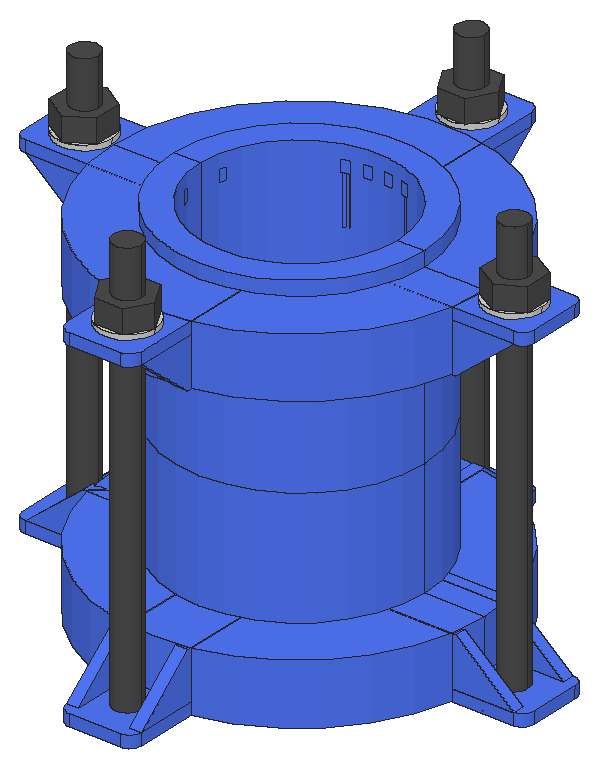
Revit family "601-A-005-DN65-200", category Pipe Accessories, Revit 2019
Family settings
  Round Connector Dimension = Use Diameter
  Part Type = Valve - Breaks Into
  Work Plane-Based = No
  Always vertical = Yes
  Cut with Voids When Loaded = No
  Shared = No
Parameters (values of type "DN065_68-85")
  W2 = (D3 / 2) - 5 mm  # 105 mm
  W1 = 32 mm  # constant formula
  URL_product_pages = "https://www.avkvalves.com/P.aspx?no=6012420004100"
  Search_Table = "601-A-005-DN65-200"
  PCD = size_lookup(Search_Table, "PCD", 0 mm, DN)  # 185 mm
  L1 = size_lookup(Search_Table, "L1", 0 mm, DN)  # 100 mm
  L = size_lookup(Search_Table, "L", 0 mm, DN)  # 190 mm
  ID = DN / 2  # 32.5 mm
  F = 5 mm  # constant formula
  Description_ = "AVK UNIVERSAL SUPA® STRAIGHT COUPLING"
  DN_Ref = DN2 * 2  # 85 mm
  DN200_218-242 = "601-242-000-4100"
  DN2 = size_lookup(Search_Table, "DN2", 0 mm, DN) / 2  # 42.5 mm
  DN175_193-215 = "601-215-000-4100"
  DN150_176-201 = "601-201-000-4100"
  DN150_157-183 = "601-183-000-4100"
  DN125_132-157 = "601-157-000-4100"
  DN100_109-133 = "601-133-000-4100"
  DN100_99-119 = "601-119-000-4100"
  DN080_84-106 = "601-106-000-4100"
  DN065_68-85 = "601-085-000-4100"
  DN = 65 mm
  D3 = size_lookup(Search_Table, "D3", 0 mm, DN)  # 220 mm
  D2 = size_lookup(Search_Table, "D2", 0 mm, DN)  # 54 mm
  D = size_lookup(Search_Table, "D1", 0 mm, DN) / 2  # 80 mm
  Body_height_ref = Body_height - 12 mm  # 152 mm
  Body_height = size_lookup(Search_Table, "Body_height", 0 mm, DN)  # 164 mm
  B2 = Body_height / 2  # 82 mm
Types (10, lengths in mm): name | W2 | PCD | L1 | L | ID | DN_Ref | DN2 | DN | D3 | D2 | D | Body_height_ref | Body_height | B2
  (no name) | 105 | 185 | 100 | 190 | 32.5 | 85 | 42.5 | 65 | 220 | 54 | 80 | 152 | 164 | 82
  DN065_68-85 | 105 | 185 | 100 | 190 | 32.5 | 85 | 42.5 | 65 | 220 | 54 | 80 | 152 | 164 | 82
  DN080_84-106 | 108 | 190 | 100 | 190 | 40 | 106 | 53 | 80 | 226 | 60 | 77 | 154 | 166 | 83
  DN100_99-119 | 117 | 208 | 100 | 190 | 50 | 119 | 59.5 | 100 | 244 | 72 | 93 | 157 | 169 | 84.5
  DN100_109-133 | 117 | 208 | 100 | 190 | 50.05 | 133 | 66.5 | 100.1 | 244 | 78 | 93 | 157 | 169 | 84.5
  DN125_132-157 | 130 | 235 | 115 | 210 | 62.5 | 157 | 78.5 | 125 | 270 | 88.5 | 106 | 157 | 169 | 84.5
  DN150_157-183 | 145 | 264 | 115 | 210 | 75 | 183 | 91.5 | 150 | 300 | 109 | 120 | 173 | 185 | 92.5
  DN150_176-201 | 145 | 264 | 115 | 210 | 75.05 | 201 | 100.5 | 150.1 | 300 | 109 | 120 | 173 | 185 | 92.5
  DN175_193-215 | 158.5 | 281 | 115 | 210 | 87.5 | 215 | 107.5 | 175 | 327 | 122 | 134 | 171 | 183 | 91.5
  DN200_218-242 | 173.5 | 310 | 140 | 230 | 100 | 242 | 121 | 200 | 357 | 137 | 150 | 197 | 209 | 104.5
Reference planes
  plane 1 "Center (Front/Back)": y = 0
  plane 2: z = 0
  plane 3 "Center (Left/Right)": x = 0
  plane 4: y = 110
  plane 5: x = -16
  plane 6: x = 16
  plane 7: y = 16
  plane 8: y = 16
  plane 9: x = 110
  plane 10: y = -16
  plane 11: y = -16
  plane 12: x = -16
  plane 13: y = -110
  plane 14: x = 16
  plane 15: x = -11
  plane 16: y = 105
  plane 17: x = 11
  plane 18: y = 105
  plane 19: x = 105
  plane 20: y = 11
  plane 21: y = -11
  plane 22: x = 105
  plane 23: x = -105
  plane 24: y = 11
  plane 25: y = -11
  plane 26: x = -105
  plane 27: y = -105
  plane 28: x = 11
  plane 29: x = -11
  plane 30: y = -105
  plane 31: x = -110
  plane 32: y = -16
  plane 33: y = 16
  plane 34: x = 16
  plane 35: x = -16
  plane 36: x = 92.5
  plane 37: x = -92.5
  plane 38: y = 92.5
  plane 39: y = -92.5
  plane 40: z = 76
  plane 41: z = -76
  plane 42: z = -82
  plane 43: z = 108
  plane 44: z = 98.5
Forms (mm)
  Revolve 1, solid, material "Plastic"
    sketch origin (0, 0, 0) x (1, 0, 0) y (0, 0, 1)
      loop
        line (0, 82) -> (0, -82) -> (54, -82) -> (54, -76) -> (80, -76) -> (80, -50) -> (54, -50) -> (54, 0) -> (54, 50) -> (80, 50) -> (80, 76) -> (54, 76) -> (54, 82) -> (0, 82)
      axis (0, -82) -> (0, 82)
    angle from 0 to 360
  Extrusion 2, solid, material "Plastic"
    sketch origin (0, 0, 0) x (1, 0, 0) y (0, 1, 0)
      loop
        arc (-11, 110) -> (-14.536, 108.536) -> (-16, 105) r 5
        line (-16, 105) -> (-16, 16) -> (-105, 16)
        arc (-105, 16) -> (-108.536, 14.536) -> (-110, 11) r 5
        line (-110, 11) -> (-110, -11)
        arc (-110, -11) -> (-108.536, -14.536) -> (-105, -16) r 5
        line (-105, -16) -> (-16, -16) -> (-16, -105)
        arc (-16, -105) -> (-14.536, -108.536) -> (-11, -110) r 5
        line (-11, -110) -> (11, -110)
        arc (11, -110) -> (14.536, -108.536) -> (16, -105) r 5
        line (16, -105) -> (16, -16) -> (105, -16)
        arc (105, -16) -> (108.536, -14.536) -> (110, -11) r 5
        line (110, -11) -> (110, 11)
        arc (110, 11) -> (108.536, 14.536) -> (105, 16) r 5
        line (105, 16) -> (16, 16) -> (16, 105)
        arc (16, 105) -> (14.536, 108.536) -> (11, 110) r 5
        line (11, 110) -> (-11, 110)
    from 71 to 76
  Extrusion 3, solid, material "Plastic"
    sketch origin (0, 0, 0) x (1, 0, 0) y (0, 1, 0)
      loop
        line (16, 16) -> (16, 105)
        arc (16, 105) -> (14.536, 108.536) -> (11, 110) r 5
        line (11, 110) -> (-11, 110)
        arc (-11, 110) -> (-14.536, 108.536) -> (-16, 105) r 5
        line (-16, 105) -> (-16, 16) -> (-105, 16)
        arc (-105, 16) -> (-108.536, 14.536) -> (-110, 11) r 5
        line (-110, 11) -> (-110, -11)
        arc (-110, -11) -> (-108.536, -14.536) -> (-105, -16) r 5
        line (-105, -16) -> (-16, -16) -> (-16, -105)
        arc (-16, -105) -> (-14.536, -108.536) -> (-11, -110) r 5
        line (-11, -110) -> (11, -110)
        arc (11, -110) -> (14.536, -108.536) -> (16, -105) r 5
        line (16, -105) -> (16, -16) -> (105, -16)
        arc (105, -16) -> (108.536, -14.536) -> (110, -11) r 5
        line (110, -11) -> (110, 11)
        arc (110, 11) -> (108.536, 14.536) -> (105, 16) r 5
        line (105, 16) -> (16, 16)
    from -76 to -71
  Extrusion 4, solid, material "Plastic"
    sketch origin (0, 0, 0) x (1, 0, 0) y (0, 0, 1)
      loop
        line (-105, 71) -> (-80, 50) -> (80, 50) -> (105, 71) -> (-105, 71)
      loop
        line (-105, -71) -> (105, -71) -> (80, -50) -> (-80, -50) -> (-105, -71)
    from 11 to 16
  Extrusion 5, solid, material "Plastic"
    sketch origin (0, 0, 0) x (1, 0, 0) y (0, 0, 1)
      loop
        line (-105, 71) -> (-80, 50) -> (80, 50) -> (105, 71) -> (-105, 71)
      loop
        line (80, -50) -> (-80, -50) -> (-105, -71) -> (105, -71) -> (80, -50)
    from -16 to -11
  Extrusion 6, solid, material "Plastic"
    sketch origin (0, 0, 0) x (0, 1, 0) y (0, 0, 1)
      loop
        line (80, -50) -> (-80, -50) -> (-105, -71) -> (105, -71) -> (80, -50)
      loop
        line (105, 71) -> (-105, 71) -> (-80, 50) -> (80, 50) -> (105, 71)
    from 16 to 11
  Extrusion 7, solid, material "Plastic"
    sketch origin (0, 0, 0) x (0, 1, 0) y (0, 0, 1)
      loop
        line (105, 71) -> (-105, 71) -> (-80, 50) -> (80, 50) -> (105, 71)
      loop
        line (105, -71) -> (80, -50) -> (-80, -50) -> (-105, -71) -> (105, -71)
    from -16 to -11
  Extrusion 8, solid, material "Stainless Steel AISI 304"
    sketch origin (0, 0, 0) x (1, 0, 0) y (0, 1, 0)
      loop
        circle (92.5, 0) r 6
      loop
        circle (-92.5, 0) r 6
      loop
        circle (0, 92.5) r 6
      loop
        circle (0, -92.5) r 6
    from -71 to 108
  Extrusion 9, solid, material "Stainless Steel AISI 304(1)"
    sketch origin (0, 0, 0) x (1, 0, 0) y (0, 1, 0)
      loop
        circle (-92.5, 0) r 12
      loop
        circle (92.5, 0) r 12
      loop
        circle (0, 92.5) r 12
      loop
        circle (0, -92.5) r 12
    from 76 to 78
  Extrusion 10, solid, material "Stainless Steel AISI 304"
    sketch origin (0, 0, 0) x (1, 0, 0) y (0, 1, 0)
      loop
        line (92.5, 11.998) -> (82.328, 5.999) -> (82.328, -5.999) -> (92.718, -11.998) -> (103.109, -5.999) -> (103.109, 5.999) -> (92.5, 11.998)
      loop
        line (11.995, 92.5) -> (5.997, 102.536) -> (-5.997, 102.536) -> (-11.995, 92.148) -> (-5.997, 81.76) -> (5.997, 81.76) -> (11.995, 92.5)
      loop
        line (11.995, -92.5) -> (5.997, -81.76) -> (-5.997, -81.76) -> (-11.995, -92.148) -> (-5.997, -102.536) -> (5.997, -102.536) -> (11.995, -92.5)
      loop
        line (-92.5, 11.998) -> (-103.109, 5.999) -> (-103.109, -5.999) -> (-92.718, -11.998) -> (-82.328, -5.999) -> (-82.328, 5.999) -> (-92.5, 11.998)
    from 78 to 88
  Revolve 11, solid, material "Stainless Steel AISI 304"
    sketch origin (0, 0, 0) x (1, 0, 0) y (0, 0, 1)
      loop
        line (92.5, -76) -> (92.5, -82)
        arc (92.5, -82) -> (100.585, -80.461) -> (107.5, -76) r 21.517
        line (107.5, -76) -> (92.5, -76)
      axis (92.5, -82) -> (92.5, -76)
    angle from 0 to 360
  Revolve 12, solid, material "Stainless Steel AISI 304"
    sketch origin (0, 0, 0) x (-1, 0, 0) y (0, 0, 1)
      loop
        line (92.5, -76) -> (92.5, -82)
        arc (92.5, -82) -> (100.585, -80.461) -> (107.5, -76) r 21.517
        line (107.5, -76) -> (92.5, -76)
      axis (92.5, -82) -> (92.5, -76)
    angle from 0 to 360
  Revolve 13, solid, material "Stainless Steel AISI 304"
    sketch origin (0, 0, 0) x (0, 1, 0) y (0, 0, 1)
      loop
        line (-92.5, -76) -> (-107.5, -76)
        arc (-107.5, -76) -> (-100.616, -80.539) -> (-92.5, -82) r 20.511
        line (-92.5, -82) -> (-92.5, -76)
      axis (-92.5, -82) -> (-92.5, -76)
    angle from 0 to 360
  Revolve 14, solid, material "Stainless Steel AISI 304"
    sketch origin (0, 0, 0) x (0, -1, 0) y (0, 0, 1)
      loop
        line (-92.5, -76) -> (-107.5, -76)
        arc (-107.5, -76) -> (-100.616, -80.539) -> (-92.5, -82) r 20.511
        line (-92.5, -82) -> (-92.5, -76)
      axis (-92.5, -82) -> (-92.5, -76)
    angle from 0 to 360
  Revolve 15, void
    sketch origin (0, 0, 0) x (1, 0, 0) y (0, 0, 1)
      loop
        line (0, 88) -> (0, -82) -> (42.5, -82) -> (42.5, 88) -> (0, 88)
      axis (0, -82) -> (0, 88)
    angle from 0 to 360
Cuts and joins
  Revolve 15 cuts Revolve 1
  Revolve 15 cuts Extrusion 2
  Revolve 15 cuts Extrusion 3
  Revolve 15 cuts Extrusion 4
  Revolve 15 cuts Extrusion 5
  Revolve 15 cuts Extrusion 6
  Revolve 15 cuts Extrusion 7
Dimensions and locks
  "L1": Revolve 1 sketch curve to Revolve 1 sketch curve
  equal spacing: Revolve 1 sketch curve, level, Revolve 1 sketch curve  (x2)
  "D": Revolve 1 sketch curve to plane 3 "Center (Left/Right)"
  "D2": Revolve 1 sketch curve to Revolve 1 sketch curve
  locked: plane 17 to plane 6 at 5
  locked: plane 4 to plane 18 at 5
  locked: plane 5 to plane 15 at 5
  locked: plane 4 to plane 16 at 5
  locked: plane 19 to plane 9 at 5
  locked: plane 8 to plane 20 at 5
  locked: plane 21 to plane 10 at 5
  locked: plane 22 to plane 9 at 5
  locked: plane 31 to plane 23 at 5
  locked: plane 7 to plane 24 at 5
  locked: plane 25 to plane 11 at 5
  locked: plane 31 to plane 26 at 5
  locked: plane 30 to plane 13 at 5
  locked: plane 27 to plane 13 at 5
  locked: plane 12 to plane 29 at 5
  locked: plane 28 to plane 14 at 5
  equal spacing: plane 5, plane 3 "Center (Left/Right)", plane 6
  equal spacing: plane 7, plane 1 "Center (Front/Back)", plane 11
  equal spacing: plane 8, plane 1 "Center (Front/Back)", plane 10
  equal spacing: plane 12, plane 3 "Center (Left/Right)", plane 14
  "W1": plane 5 to plane 6
  "W1": plane 8 to plane 10
  "W1": plane 12 to plane 14
  "W1": plane 7 to plane 11
  equal spacing: plane 4, plane 1 "Center (Front/Back)", plane 13
  equal spacing: plane 31, plane 3 "Center (Left/Right)", plane 9
  "D3": plane 31 to plane 9
  "D3": plane 4 to plane 13
  equal spacing: plane 36, plane 3 "Center (Left/Right)", plane 37
  "PCD": plane 36 to plane 37
  equal spacing: plane 38, plane 1 "Center (Front/Back)", plane 39
  "PCD": plane 38 to plane 39
  locked: Revolve 1 sketch curve to Revolve 1 sketch curve at 6  (x2)
  "Body_height": Revolve 1 sketch curve to Revolve 1 sketch curve
  equal spacing: plane 40, level, plane 41
  "Body_height_ref": plane 40 to plane 41
  "F": Extrusion 3 to plane 41
  "F": plane 40 to Extrusion 2
  equal spacing: Extrusion 4 sketch curve, plane 3 "Center (Left/Right)", Extrusion 4 sketch curve  (x4)
  "W2": Extrusion 4 sketch curve to plane 3 "Center (Left/Right)"  (x2)
  "D": Extrusion 4 sketch curve to plane 3 "Center (Left/Right)"  (x2)
  "F": Extrusion 4 to plane 32
  "F": plane 33 to Extrusion 5
  equal spacing: Extrusion 6 sketch curve, plane 1 "Center (Front/Back)", Extrusion 6 sketch curve  (x4)
  "W2": Extrusion 6 sketch curve to plane 1 "Center (Front/Back)"  (x2)
  "D": Extrusion 6 sketch curve to plane 1 "Center (Front/Back)"  (x2)
  "F": plane 34 to Extrusion 6
  equal spacing: Extrusion 7 sketch curve, plane 1 "Center (Front/Back)", Extrusion 7 sketch curve  (x4)
  "W2": plane 1 "Center (Front/Back)" to Extrusion 7 sketch curve  (x2)
  "D": plane 1 "Center (Front/Back)" to Extrusion 7 sketch curve  (x2)
  "F": Extrusion 7 to plane 35
  equal spacing: Extrusion 8 sketch curve, plane 3 "Center (Left/Right)", Extrusion 8 sketch curve
  "PCD": Extrusion 8 sketch curve to Extrusion 8 sketch curve  (x2)
  equal spacing: Extrusion 8 sketch curve, plane 1 "Center (Front/Back)", Extrusion 8 sketch curve
  "B2": level to plane 42
  "L": plane 43 to plane 42
  equal spacing: Extrusion 9 sketch curve, plane 3 "Center (Left/Right)", Extrusion 9 sketch curve
  equal spacing: Extrusion 9 sketch curve, plane 1 "Center (Front/Back)", Extrusion 9 sketch curve
  "PCD": Extrusion 9 sketch curve to Extrusion 9 sketch curve  (x2)
  locked: Extrusion 9 to plane 40 at 2
  locked: Extrusion 10 to Extrusion 9 at 10
  equal spacing: Extrusion 10 sketch curve, plane 1 "Center (Front/Back)", Extrusion 10 sketch curve
  equal spacing: Extrusion 10 sketch curve, plane 3 "Center (Left/Right)", Extrusion 10 sketch curve
  "PCD": Extrusion 10 sketch curve to Extrusion 10 sketch curve  (x2)
  "DN2": Revolve 15 sketch curve to Revolve 15 sketch curve
  cut or joined group of Revolve 1, Revolve 15 to cut or joined group of Revolve 1, Revolve 15 = 100 mm
  aligned and locked: level to plane 2
  aligned and locked: Revolve 1 sketch curve to Revolve 1 sketch curve  (x5)
  aligned and locked: Revolve 1 sketch curve to plane 3 "Center (Left/Right)"
  aligned and locked: plane 4 to Extrusion 2 sketch curve  (x2)
  aligned and locked: plane 15 to Extrusion 2 sketch curve
  aligned and locked: plane 16 to Extrusion 2 sketch curve
  aligned and locked: plane 5 to Extrusion 2 sketch curve  (x2)
  aligned and locked: plane 17 to Extrusion 2 sketch curve
  aligned and locked: Extrusion 2 sketch curve to plane 18
  aligned and locked: plane 6 to Extrusion 2 sketch curve  (x2)
  aligned and locked: plane 20 to Extrusion 2 sketch curve
  aligned and locked: plane 9 to Extrusion 2 sketch curve  (x2)
  aligned and locked: plane 8 to Extrusion 2 sketch curve  (x2)
  aligned and locked: plane 19 to Extrusion 2 sketch curve
  aligned and locked: plane 21 to Extrusion 2 sketch curve
  aligned and locked: plane 10 to Extrusion 2 sketch curve  (x2)
  aligned and locked: plane 22 to Extrusion 2 sketch curve
  aligned and locked: plane 14 to Extrusion 2 sketch curve  (x2)
  aligned and locked: plane 27 to Extrusion 2 sketch curve
  aligned and locked: plane 13 to Extrusion 2 sketch curve  (x2)
  aligned and locked: plane 28 to Extrusion 2 sketch curve
  aligned and locked: Extrusion 2 sketch curve to plane 29
  aligned and locked: Extrusion 2 sketch curve to plane 30
  aligned and locked: plane 12 to Extrusion 2 sketch curve  (x2)
  aligned and locked: plane 7 to Extrusion 2 sketch curve  (x2)
  aligned and locked: plane 23 to Extrusion 2 sketch curve
  aligned and locked: plane 24 to Extrusion 2 sketch curve
  aligned and locked: plane 31 to Extrusion 2 sketch curve  (x2)
  aligned and locked: Extrusion 2 sketch curve to plane 25
  aligned and locked: plane 11 to Extrusion 2 sketch curve  (x2)
  aligned and locked: plane 26 to Extrusion 2 sketch curve
  aligned and locked: Extrusion 3 sketch curve to Extrusion 2  (x12)
  aligned and locked: Extrusion 2 to plane 40
  aligned and locked: plane 41 to Extrusion 3
  aligned and locked: Extrusion 4 sketch curve to Extrusion 2
  aligned and locked: Extrusion 4 sketch curve to Revolve 1  (x2)
  aligned and locked: Extrusion 3 to Extrusion 4 sketch curve
  aligned and locked: Extrusion 4 to Extrusion 2
  aligned and locked: Extrusion 5 sketch curve to Extrusion 4  (x6)
  aligned and locked: Extrusion 5 sketch curve to Revolve 1  (x2)
  aligned and locked: Extrusion 2 to Extrusion 5
  aligned and locked: Extrusion 6 sketch curve to Extrusion 3
  aligned and locked: Extrusion 6 sketch curve to Revolve 1
  aligned and locked: Extrusion 2 to Extrusion 6
  aligned and locked: Extrusion 2 to Extrusion 7 sketch curve
  aligned and locked: Extrusion 7 sketch curve to Revolve 1  (x2)
  aligned and locked: Extrusion 7 sketch curve to Extrusion 3
  aligned and locked: Extrusion 2 to Extrusion 7
  aligned and locked: Extrusion 8 to Extrusion 3
  aligned and locked: plane 43 to Extrusion 8
  aligned and locked: Extrusion 9 to Revolve 1
  aligned and locked: Extrusion 10 to Extrusion 9
  aligned and locked: Revolve 11 sketch curve to plane 36
  aligned and locked: Extrusion 3 to Revolve 11 sketch curve
  aligned and locked: Revolve 11 sketch curve to Revolve 11 sketch curve
  aligned and locked: Revolve 12 sketch curve to Revolve 12 sketch curve
  aligned and locked: Revolve 12 sketch curve to Extrusion 3
  aligned and locked: Revolve 12 sketch curve to plane 37
  aligned and locked: Extrusion 3 to Revolve 13 sketch curve
  aligned and locked: Revolve 13 sketch curve to plane 39
  aligned and locked: Revolve 13 sketch curve to Revolve 13 sketch curve
  aligned and locked: Revolve 14 sketch curve to Revolve 14 sketch curve
  aligned and locked: Revolve 14 sketch curve to Extrusion 3
  aligned and locked: plane 38 to Revolve 14 sketch curve
  aligned and locked: Revolve 15 sketch curve to Extrusion 10
  aligned and locked: plane 3 "Center (Left/Right)" to Revolve 15 sketch curve
  aligned and locked: Revolve 15 sketch curve to Revolve 15 sketch curve
  aligned and locked: cut or joined group of Extrusion 2, Revolve 15 to Extrusion 6 sketch curve
  aligned and locked: Extrusion 6 sketch curve to cut or joined group of Revolve 1, Revolve 15
Automatic sketch dimensions
  Revolve 11 sketch curve to plane 42 = 0 mm
  plane 36 to Revolve 11 sketch curve = 0.093 mm
  Revolve 11 sketch curve to Revolve 11 sketch curve = 15 mm
  Revolve 11 sketch curve to Revolve 11 sketch curve = 1.27 mm
  plane 41 to Revolve 11 sketch curve = 1.568 mm
  Revolve 12 sketch curve to plane 42 = 0 mm
  plane 37 to Revolve 12 sketch curve = 0.093 mm
  plane 37 to Revolve 12 sketch curve = 15 mm
  Revolve 12 sketch curve to plane 42 = 1.27 mm
  Revolve 12 sketch curve to Revolve 12 sketch curve = 1.568 mm
  Revolve 13 sketch curve to plane 42 = 0 mm
  plane 39 to Revolve 13 sketch curve = 0.498 mm
  plane 39 to Revolve 13 sketch curve = 15 mm
  Revolve 13 sketch curve to Revolve 13 sketch curve = 1.978 mm
  plane 41 to Revolve 13 sketch curve = 1.625 mm
  Revolve 14 sketch curve to plane 42 = 0 mm
  plane 38 to Revolve 14 sketch curve = 0.498 mm
  plane 38 to Revolve 14 sketch curve = 15 mm
  Revolve 14 sketch curve to plane 42 = 1.978 mm
  Revolve 14 sketch curve to plane 41 = 1.625 mm
  Revolve 1 sketch curve to level = 0 mm
  Revolve 1 sketch curve to level = 22 mm
  level to Revolve 1 sketch curve = 38 mm
  Extrusion 8 sketch curve to plane 3 "Center (Left/Right)" = 0 mm  (x2)
  plane 1 "Center (Front/Back)" to Extrusion 8 sketch curve = 0 mm  (x2)
  Extrusion 9 sketch curve to plane 3 "Center (Left/Right)" = 0 mm  (x2)
  plane 1 "Center (Front/Back)" to Extrusion 9 sketch curve = 0 mm  (x2)
  Extrusion 10 sketch curve to plane 37 = 0.218 mm
  Extrusion 10 sketch curve to plane 37 = 10.609 mm
  plane 37 to Extrusion 10 sketch curve = 10.172 mm
  Extrusion 10 sketch curve to plane 39 = 0.352 mm
  plane 35 to Extrusion 10 sketch curve = 4.005 mm  (x2)
  plane 38 to Extrusion 10 sketch curve = 0.352 mm
  Extrusion 10 sketch curve to plane 3 "Center (Left/Right)" = 5.997 mm  (x4)
  plane 3 "Center (Left/Right)" to Extrusion 10 sketch curve = 5.997 mm  (x4)
  Extrusion 10 sketch curve to plane 34 = 4.005 mm  (x2)
  Extrusion 10 sketch curve to plane 36 = 10.172 mm
  plane 36 to Extrusion 10 sketch curve = 0.218 mm
  plane 36 to Extrusion 10 sketch curve = 10.609 mm
  plane 39 to Extrusion 10 sketch curve = 10.036 mm
  Extrusion 10 sketch curve to plane 39 = 10.74 mm
  Extrusion 10 sketch curve to plane 32 = 4.002 mm  (x2)
  plane 1 "Center (Front/Back)" to Extrusion 10 sketch curve = 5.999 mm  (x4)
  Extrusion 10 sketch curve to plane 1 "Center (Front/Back)" = 5.999 mm  (x4)
  plane 33 to Extrusion 10 sketch curve = 4.002 mm  (x2)
  plane 38 to Extrusion 10 sketch curve = 10.74 mm
  Extrusion 10 sketch curve to plane 38 = 10.036 mm
  Revolve 15 sketch curve to plane 42 = 0 mm
  Revolve 15 sketch curve to level = 13.5 mm
  level to Revolve 15 sketch curve = 21.5 mm
  radius of Extrusion 8 sketch curve = 6 mm  (x4)
  radius of Extrusion 9 sketch curve = 12 mm  (x4)
Nested families
  nested 1: "LOGO - Copy - Copy - Copy - Copy" at (-40.513, -35.703, -20) x (0.6612, -0.7502, 0) z (-0.7502, -0.6612, 0), type "LOGO - Copy - Copy - Copy - Copy"
Connectors
  piping at (0, 0, 82), diameter 85, driven by "DN_Ref"
    settings: on Revolve 1, index 1, connector inside diameter 609.6 mm, connector length 0 mm, flow factor 0, pipe flow 0.0 L/s, pressure drop 0.0 Pa, fitting loss kfactor 0, connector angle 0.00°, fixture units 0, engagement length 0 mm, angle of deflection 0.00°, flow configuration 0, flow direction 0, fitting loss method 0, system type 19, joint type 0, gender type 0, connector reference index -1, connector utility 0, adjustable connector no, is connector primary yes, connector description ""
  piping at (0, 0, -82), diameter 85, driven by "DN_Ref"
    settings: on Revolve 1, index 2, connector inside diameter 609.6 mm, connector length 0 mm, flow factor 0, pipe flow 0.0 L/s, pressure drop 0.0 Pa, fitting loss kfactor 0, connector angle 0.00°, fixture units 0, engagement length 0 mm, angle of deflection 0.00°, flow configuration 0, flow direction 0, fitting loss method 0, system type 19, joint type 0, gender type 0, connector reference index -1, connector utility 0, adjustable connector no, is connector primary no, connector description ""
Definition of nested family "LOGO - Copy - Copy - Copy - Copy"
  Parameters (values of type "LOGO - Copy - Copy - Copy - Copy")
    Default Elevation = 1219.2 mm
  Reference planes
    plane 1 "Center (Front/Back)": y = 0
    plane 2: z = 0
    plane 3 "Center (Left/Right)": x = 0
  Forms (mm)
    Extrusion 1, solid
      sketch origin (0, 0, 0) x (1, 0, 0) y (0, 1, 0)
        loop
          line (-1219.2, 1219.2) -> (-1219.2, -1219.2) -> (1219.2, -1219.2) -> (1219.2, 1219.2) -> (-1219.2, 1219.2)
      from 0 to -304.8
    Extrusion 2, solid
      sketch origin (0, 0, 0) x (1, 0, 0) y (0, 1, 0)
        loop
          line (-6.514, 34.224) -> (-24, 34.224) -> (-24, 29.481) -> (-9.766, 29.481) -> (-2.391, 11.367) -> (2.391, 11.367) -> (9.766, 29.481) -> (24, 29.481) -> (24, 34.224) -> (6.514, 34.224) -> (0, 18.224) -> (-6.514, 34.224)
        loop
          line (-10.996, 27.653) -> (-24, 27.653) -> (-24, 23.081) -> (-19.503, 23.081) -> (-24, 11.367) -> (-18.92, 11.367) -> (-17.955, 13.881) -> (-10.51, 13.881) -> (-9.486, 11.367) -> (-4.365, 11.367) -> (-10.996, 27.653)
        loop
          line (-16.777, 18.224) -> (-12.278, 18.224) -> (-14.594, 23.912) -> (-16.777, 18.224)
        loop
          line (4.365, 11.367) -> (9.486, 11.367) -> (12.093, 17.77) -> (16.918, 11.367) -> (22.857, 11.367) -> (17.399, 18.61)
          arc (17.399, 18.61) -> (20.583, 20.18) -> (22.629, 23.081) r 7.2
          line (22.629, 23.081) -> (24, 23.081) -> (24, 27.653) -> (19.429, 27.653)
          arc (19.429, 27.653) -> (17.763, 23.526) -> (13.699, 21.714) r 5.943
          line (13.699, 21.714) -> (16.117, 27.653) -> (10.996, 27.653) -> (4.365, 11.367)
      from 0 to 1
  Dimensions and locks
    aligned and locked: plane 2 to Extrusion 1
    aligned and locked: level to Extrusion 1
    aligned and locked: Extrusion 2 sketch curve to import instance
